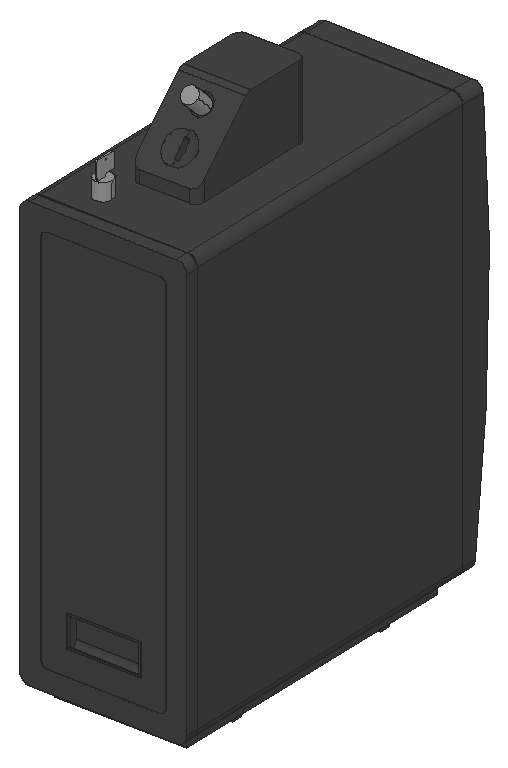
Revit family "Franke_Münzwechsler-A200", category Sonderausstattung, Revit 2015
Parameters (values of type "Münzwechsler-A200(85-264V/black line/EU)")
  URL = "http://www.franke.com/main/de/cs/produkte/produktsuche/produktsuche.html#akCache=true&p=1&t=grid&f=cat14_3210"
  Tiefe = 452 mm
  Spannung min. = 85 V
  Spannung max. = 264 V
  Sicherung = "10 A"
  Netzfrequenz alternativ = 60 Hz
  Netzfrequenz = 50 Hz
  Modell = "410900 - Münzwechsler - A200"
  Leistung = 76.8 W
  Kosten = 0
  Höhe = 634 mm
  Hersteller = "Franke"
  Energieverlust nach DIN18873 = "k.A."
  Breite = 200 mm
  Beschreibung = "Beistellgerät Münzwechsler ermöglicht den Kaffeeausschank in der Selbstbedienung"
  Assembly Code = "Beistellgerät Münzwechsler (A200)"
  Keynote = "Beistellgerät Münzwechsler (A200)"
  Aufstellgewicht = "18 kg"
  Anzahl von Polen = 1
  Anzahl der Schutzleiter = "1"
  Anzahl der Nullleiter = "1"
  Abdeckung = Franke Black
Types (3, lengths in mm): name | Abdeckung
  (no name) | Franke Black
  Münzwechsler-A200(85-264V/black line/EU) | Franke Black
  Münzwechsler-A200(85-264V/anthrazit/EU) | Franke Anthrazit
Reference planes
  plane 1 "Mitte (Vorne/Hinten)": y = 0
  plane 2: z = 0
  plane 3 "Mitte (Links/Rechts)": x = 0
Forms (mm)
  Extrusion 1, solid, material "Franke Black"
    sketch origin (0, 0, -41) x (0, 1, 0) y (0, 0, 1)
      loop
        line (186.97, 65) -> (-188.03, 65) -> (-188.03, 45) -> (186.97, 45) -> (186.97, 65)
    from -79 to 79
  Extrusion 2, solid, material "Franke Black"
    sketch origin (-1000, 0, -41) x (0, 1, 0) y (0, 0, 1)
      loop
        line (199.53, 585) -> (199.53, 65) -> (216.03, 65)
        arc (216.03, 65) -> (224.982, 150.997) -> (233.478, 237.039) r 16328.175
        arc (233.478, 237.039) -> (233.864, 241.879) -> (234.093, 246.728) r 150
        arc (234.093, 246.728) -> (236.227, 326.074) -> (237.701, 405.435) r 9548.581
        arc (237.701, 405.435) -> (237.699, 406.999) -> (237.648, 408.563) r 50
        arc (237.648, 408.563) -> (233.118, 496.797) -> (228.03, 585) r 14002.549
        line (228.03, 585) -> (199.53, 585)
    from 900 to 1100
  Extrusion 3, void
    sketch origin (-1000, 0, -41) x (1, 0, 0) y (0, 0, 1)
      loop
        arc (1088, 585) -> (1096.485, 581.485) -> (1100, 573) r 12
        line (1100, 573) -> (1110, 573) -> (1110, 595) -> (1088, 595) -> (1088, 585)
      loop
        line (1088, 65) -> (1088, 55) -> (1110, 55) -> (1110, 77) -> (1100, 77)
        arc (1100, 77) -> (1096.485, 68.515) -> (1088, 65) r 12
      loop
        line (912, 585) -> (912, 595) -> (890, 595) -> (890, 573) -> (900, 573)
        arc (900, 573) -> (903.515, 581.485) -> (912, 585) r 12
      loop
        arc (912, 65) -> (903.515, 68.515) -> (900, 77) r 12
        line (900, 77) -> (890, 77) -> (890, 55) -> (912, 55) -> (912, 65)
    from -305.226 to 299.817
  Extrusion 4, solid, material "Franke Black"
    sketch origin (0, 397.56, -41) x (1, 0, 0) y (0, 0, 1)
      loop
        line (-85, 65) -> (85, 65) -> (85, 575) -> (-85, 575) -> (-85, 65)
    from 198.03 to 199.53
  Extrusion 5, solid
    sketch origin (0, 0, -41) x (1, 0, 0) y (0, 0, 1)
      loop
        line (-85, 65) -> (85, 65) -> (85, 575) -> (-85, 575) -> (-85, 65)
    from 198.03 to 199.53
  Extrusion 6, solid, material "Franke Black"
    sketch origin (0, 0, -41) x (1, 0, 0) y (0, 0, 1)
      loop
        line (88, 585) -> (-88, 585)
        arc (-88, 585) -> (-96.485, 581.485) -> (-100, 573) r 12
        line (-100, 573) -> (-100, 77)
        arc (-100, 77) -> (-96.485, 68.515) -> (-88, 65) r 12
        line (-88, 65) -> (88, 65)
        arc (88, 65) -> (96.485, 68.515) -> (100, 77) r 12
        line (100, 77) -> (100, 573)
        arc (100, 573) -> (96.485, 581.485) -> (88, 585) r 12
    from -198.03 to 198.03
  Extrusion 7, solid, material "Franke Stahl, verchromt"
    sketch origin (0, 0, -41) x (1, 0, 0) y (0, 1, 0)
      loop
        circle (-42, -162.53) r 11
    from 585 to 605
  Extrusion 8, solid, material "Franke Black" <- "Abdeckung"
    sketch origin (0, 0, -41) x (1, 0, 0) y (0, 0, 1)
      loop
        line (88, 585) -> (-88, 585)
        arc (-88, 585) -> (-96.485, 581.485) -> (-100, 573) r 12
        line (-100, 573) -> (-100, 77)
        arc (-100, 77) -> (-96.485, 68.515) -> (-88, 65) r 12
        line (-88, 65) -> (88, 65)
        arc (88, 65) -> (96.485, 68.515) -> (100, 77) r 12
        line (100, 77) -> (100, 573)
        arc (100, 573) -> (96.485, 581.485) -> (88, 585) r 12
      loop
        arc (67, 90) -> (72.657, 92.343) -> (75, 98) r 8
        line (75, 98) -> (75, 552)
        arc (75, 552) -> (72.657, 557.657) -> (67, 560) r 8
        line (67, 560) -> (-67, 560)
        arc (-67, 560) -> (-72.657, 557.657) -> (-75, 552) r 8
        line (-75, 552) -> (-75, 98)
        arc (-75, 98) -> (-72.657, 92.343) -> (-67, 90) r 8
        line (-67, 90) -> (67, 90)
    from 199.53 to 214.53
  Extrusion 9, solid, material "Franke Black"
    sketch origin (0, 0, -41) x (1, 0, 0) y (0, 0, 1)
      loop
        arc (-67, 560) -> (-72.657, 557.657) -> (-75, 552) r 8
        line (-75, 552) -> (-75, 98)
        arc (-75, 98) -> (-72.657, 92.343) -> (-67, 90) r 8
        line (-67, 90) -> (67, 90)
        arc (67, 90) -> (72.657, 92.343) -> (75, 98) r 8
        line (75, 98) -> (75, 552)
        arc (75, 552) -> (72.657, 557.657) -> (67, 560) r 8
        line (67, 560) -> (-67, 560)
    from 199.53 to 214.53
  Extrusion 10, solid, material "Franke Black"
    sketch origin (0, 0, -41) x (1, 0, 0) y (0, 0, 1)
      loop
        line (-85, 65) -> (85, 65) -> (85, 575) -> (-85, 575) -> (-85, 65)
    from 198.03 to 199.53
  Extrusion 11, solid, material "Franke Stahl, verchromt"
    sketch origin (0, 0, -1.5) x (0, 1, 0) y (0, 0, 1)
      loop
        arc (-172.53, 569.367) -> (-172.178, 568.234) -> (-171.247, 567.5) r 2
        line (-171.247, 567.5) -> (-171.247, 565.5) -> (-160.53, 565.5) -> (-160.53, 567.835)
        arc (-160.53, 567.835) -> (-160.249, 568.513) -> (-159.571, 568.794) r 0.959
        line (-159.571, 568.794) -> (-149.53, 568.794)
        arc (-149.53, 568.794) -> (-148.116, 569.38) -> (-147.53, 570.794) r 2
        line (-147.53, 570.794) -> (-147.53, 585.5)
        arc (-147.53, 585.5) -> (-148.116, 586.914) -> (-149.53, 587.5) r 2
        line (-149.53, 587.5) -> (-170.53, 587.5)
        arc (-170.53, 587.5) -> (-171.944, 586.914) -> (-172.53, 585.5) r 2
        line (-172.53, 585.5) -> (-172.53, 569.367)
      loop
        circle (-160.03, 583.965) r 2
    from -43 to -41
  Extrusion 12, solid, material "Franke Black"
    sketch origin (0, 0, -21) x (1, 0, 0) y (0, 0, 1)
      loop
        line (-44.5, 139) -> (-44.5, 100) -> (44.5, 100) -> (44.5, 139) -> (-44.5, 139)
      loop
        line (-42.5, 137) -> (-42.5, 102) -> (42.5, 102) -> (42.5, 137) -> (-42.5, 137)
    from 212.53 to 214.53
  Extrusion 13, void
    sketch origin (0, 0, -21) x (0, 1, 0) y (0, 0, 1)
      loop
        line (-231.966, 139) -> (-231.966, 100) -> (-212.53, 100) -> (-212.53, 95) -> (-210.53, 95)
        arc (-210.53, 95) -> (-203.459, 97.929) -> (-200.53, 105) r 10
        line (-200.53, 105) -> (-200.53, 144) -> (-212.53, 144) -> (-212.53, 139) -> (-231.966, 139)
    from -44.5 to 44.5
  Extrusion 14, solid, material "Franke Stahl, verchromt"
    sketch origin (0, 0, 0) x (1, 0, 0) y (0, 1, 0)
      loop
        circle (0, 156.641) r 2.5
    from 0 to 4
  Extrusion 15, void
    sketch origin (-35.869, -27.22, -41) x (1, 0, 0) y (0, 1, 0)
      loop
        circle (93.369, -111.61) r 16
      loop
        circle (93.369, 165.89) r 16
      loop
        circle (-21.631, -111.61) r 16
      loop
        circle (-21.631, 165.89) r 16
    from 41 to 50
  Extrusion 16, solid, material "Franke Black"
    sketch origin (0, 0, 0) x (1, 0, 0) y (0, 1, 0)
      loop
        arc (-30, 38.97) -> (-37.071, 36.041) -> (-40, 28.97) r 10
        line (-40, 28.97) -> (-40, -113.03)
        arc (-40, -113.03) -> (-37.071, -120.101) -> (-30, -123.03) r 10
        line (-30, -123.03) -> (30, -123.03)
        arc (30, -123.03) -> (37.071, -120.101) -> (40, -113.03) r 10
        line (40, -113.03) -> (40, 28.97)
        arc (40, 28.97) -> (37.071, 36.041) -> (30, 38.97) r 10
        line (30, 38.97) -> (-30, 38.97)
    from 544 to 641.515
  Extrusion 17, void
    sketch origin (0, 0, 0) x (0, 1, 0) y (0, 0, 1)
      loop
        line (-43.888, 634) -> (50, 634) -> (50, 644) -> (-137.557, 644) -> (-137.557, 555.542) -> (-126.489, 555.542) -> (-50.959, 631.071)
        arc (-50.959, 631.071) -> (-47.715, 633.239) -> (-43.888, 634) r 10
    from -88 to 88
  Extrusion 18, void
    sketch origin (-720, -1190.859, 799.306) x (1, 0, 0) y (0, 0.707107, 0.707107)
      loop
        line (717, 630.033) -> (717, 606.033) -> (723, 606.033) -> (723, 630.033) -> (717, 630.033)
    from -940.949 to -904.991
  Extrusion 19, solid, material "Franke Stahl, verchromt"
    sketch origin (-718.958, -1189.799, 800.366) x (1, 0, 0) y (0, 0.707107, 0.707107)
      loop
        circle (718.958, 662.708) r 10
    from -940.949 to -899.991
  Extrusion 20, solid, material "Franke Black"
    sketch origin (0, 0, 0) x (1, 0, 0) y (0, 1, 0)
      loop
        line (63, 116.47) -> (63, 104.47) -> (77, 104.47) -> (77, 116.47) -> (63, 116.47)
      loop
        line (63, -104.63) -> (63, -116.63) -> (77, -116.63) -> (77, -104.63) -> (63, -104.63)
      loop
        line (-63, 116.47) -> (-77, 116.47) -> (-77, 104.47) -> (-63, 104.47) -> (-63, 116.47)
      loop
        line (-63, -104.63) -> (-77, -104.63) -> (-77, -116.63) -> (-63, -116.63) -> (-63, -104.63)
    from 0 to 4
  Revolve 21, void
    sketch origin (0, 488.685, 247.511) x (0, 0.707107, 0.707107) y (0, -0.707107, 0.707107)
      loop
        line (-179.407, 782.413) -> (-209.407, 782.413) -> (-209.407, 662.069)
        arc (-209.407, 662.069) -> (-196.194, 651.201) -> (-179.407, 647.902) r 34.965
        line (-179.407, 647.902) -> (-179.407, 782.413)
      axis (-179.407, 647.902) -> (-179.407, 782.413)
    angle from 0 to 360
  Revolve 22, void
    sketch origin (0, 519.474, 282.025) x (0, 0.707107, 0.707107) y (0, -0.707107, 0.707107)
      loop
        line (-179.407, 782.413) -> (-197.986, 782.413) -> (-197.986, 654.502)
        arc (-197.986, 654.502) -> (-189.546, 648.812) -> (-179.407, 647.902) r 20.426
        line (-179.407, 647.902) -> (-179.407, 782.413)
      axis (-179.407, 647.902) -> (-179.407, 782.413)
    angle from 0 to 360
Cuts and joins
  Extrusion 3 cuts Extrusion 8
  Extrusion 3 cuts Extrusion 2
  Extrusion 13 cuts Extrusion 9
  Extrusion 17, Extrusion 18, Revolve 21, Revolve 22 cuts Extrusion 16
  Extrusion 15 cuts Extrusion 1
Dimensions and locks
  aligned and locked: level to plane 2
Connectors
  electrical at (0, 156.641, 0), driven by "Spannung max.", driven by "Anzahl von Polen"
    settings: on Extrusion 14, index 1, voltage 264 V, apparent load 0 VA, apparent load phase1 0 VA, apparent load phase2 0 VA, apparent load phase3 0 VA, power factor 1, load classification "Strom", number of poles 1, system type 31, power factor state 1, is connector primary yes, connector utility no, sub classification motor no, connector description ""
